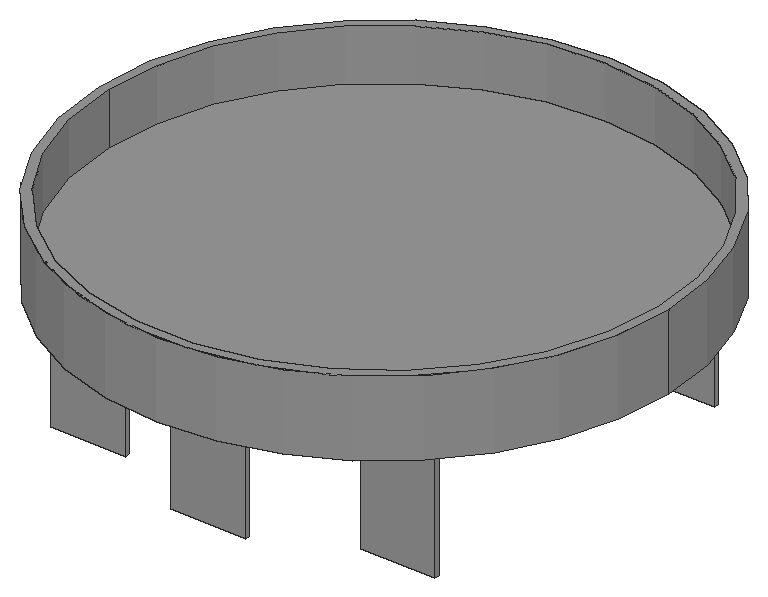
Revit family "Nivellierbare Kassette für Revisionsöffnung, RKRNUZD3, 20-25, 7", category Generic Models, Revit 2015
Parameters (values of type "RKRN2UZD3R7MS25")
  URL = "http://www.obo-bettermann.com"
  Material = Brass, Soft Yellow, Welded
  Manufacturer Art.No. = "7409144"
  Manufacturer = "OBO Bettermann"
  Height 1 = 36.5 mm
  Height = 94 mm
  GTIN = "4012195868606"
  Diameter 1 = 265.6 mm
  Diameter = 274 mm
  Cut depth = 25 mm
  Article Type = "RKRN2UZD3R7MS25"
Types (5, lengths in mm): name | Material | Manufacturer Art.No. | GTIN | Cut depth | Article Type
  (no name) | Brass, Soft Yellow, Welded | "7409144" | "4012195868606" | 25 | "RKRN2UZD3R7MS25"
  RKRN2UZD3R7VS20 | Stainless Steel, Polished | "7409148" | "4012195868613" | 20 | "RKRN2UZD3R7VS20"
  RKRN2UZD3R7VS25 | Stainless Steel | "7409150" | "4012195868620" | 25 | "RKRN2UZD3R7VS25"
  RKRN2UZD3R7MS20 | Brass, Soft Yellow, Welded | "7409142" | "4012195868569" | 20 | "RKRN2UZD3R7MS20"
  RKRN2UZD3R7MS25 | Brass, Soft Yellow, Welded | "7409144" | "4012195868606" | 25 | "RKRN2UZD3R7MS25"
Reference planes
  plane 1 "Center (Front/Back)": y = 0
  plane 2: z = 0
  plane 3 "Center (Left/Right)": x = 0
  plane 4: z = 57.5
  plane 5: y = 99.5
  plane 6: y = -99.5
  plane 7: z = 94
  plane 8: z = 69
Forms (mm)
  Extrusion 1, solid, material "Brass, Soft Yellow, Welded" <- "Material"
    sketch origin (0, 0, 0) x (1, 0, 0) y (0, 1, 0)
      loop
        line (56.5, 85) -> (56.5, 83) -> (92.5, 83) -> (92.5, 85) -> (56.5, 85)
      loop
        line (-92.5, 85) -> (-92.5, 83) -> (-56.5, 83) -> (-56.5, 85) -> (-92.5, 85)
      loop
        line (-18, 106) -> (-18, 104) -> (18, 104) -> (18, 106) -> (-18, 106)
      loop
        line (56.5, -83) -> (56.5, -85) -> (92.5, -85) -> (92.5, -83) -> (56.5, -83)
      loop
        line (-92.5, -83) -> (-92.5, -85) -> (-56.5, -85) -> (-56.5, -83) -> (-92.5, -83)
      loop
        line (-18, -104) -> (-18, -106) -> (18, -106) -> (18, -104) -> (-18, -104)
    from 0 to 57.5
  Extrusion 2, solid, material "Brass, Soft Yellow, Welded" <- "Material"
    sketch origin (0, 0, 0) x (1, 0, 0) y (0, 1, 0)
      loop
        circle (0, 0) r 137
    from 57.5 to 94
  Extrusion 3, void
    sketch origin (0, 0, 0) x (1, 0, 0) y (0, 1, 0)
      loop
        circle (0, 0) r 132.8
    from 69 to 94
Cuts and joins
  Extrusion 3 cuts Extrusion 1
  Extrusion 3 cuts Extrusion 2
Dimensions and locks
  "Height 1": plane 7 to plane 4
  "Cut depth": plane 7 to plane 8
  locked: plane 5 to plane 6 at 199
  equal spacing: plane 5, plane 1 "Center (Front/Back)", plane 6, locked at 99.5 each
  locked: Extrusion 1 sketch curve to Extrusion 1 sketch curve at 36  (x6)
  locked: Extrusion 1 sketch curve to Extrusion 1 sketch curve at 2  (x6)
  locked: Extrusion 1 sketch curve to Extrusion 1 sketch curve at 113  (x2)
  equal spacing: Extrusion 1 sketch curve, plane 3 "Center (Left/Right)", Extrusion 1 sketch curve, locked at 56.5 each  (x2)
  locked: Extrusion 1 sketch curve to plane 1 "Center (Front/Back)" at 83  (x2)
  equal spacing: Extrusion 1 sketch curve, plane 3 "Center (Left/Right)", Extrusion 1 sketch curve, locked at 18 each  (x2)
  locked: plane 1 "Center (Front/Back)" to Extrusion 1 sketch curve at 104
  locked: Extrusion 1 sketch curve to plane 1 "Center (Front/Back)" at 104
  "Height": plane 7 to level
  "Diameter": diameter of Extrusion 2 sketch curve
  "Diameter 1": diameter of Extrusion 3 sketch curve
  aligned and locked: level to plane 2
  aligned and locked: plane 7 to Extrusion 2
  aligned and locked: cut or joined group of Extrusion 2, Extrusion 3 to Extrusion 3
  aligned and locked: Extrusion 3 to plane 8
  aligned and locked: Extrusion 1 sketch curve to Extrusion 1 sketch curve  (x2)
  aligned and locked: Extrusion 1 to level
  aligned and locked: plane 4 to Extrusion 1
  aligned and locked: Extrusion 2 to plane 4
Automatic sketch dimensions
  plane 1 "Center (Front/Back)" to Extrusion 3 sketch curve = 0 mm
  Extrusion 3 sketch curve to plane 3 "Center (Left/Right)" = 0 mm
  plane 1 "Center (Front/Back)" to Extrusion 2 sketch curve = 0 mm
  Extrusion 2 sketch curve to plane 3 "Center (Left/Right)" = 0 mm
